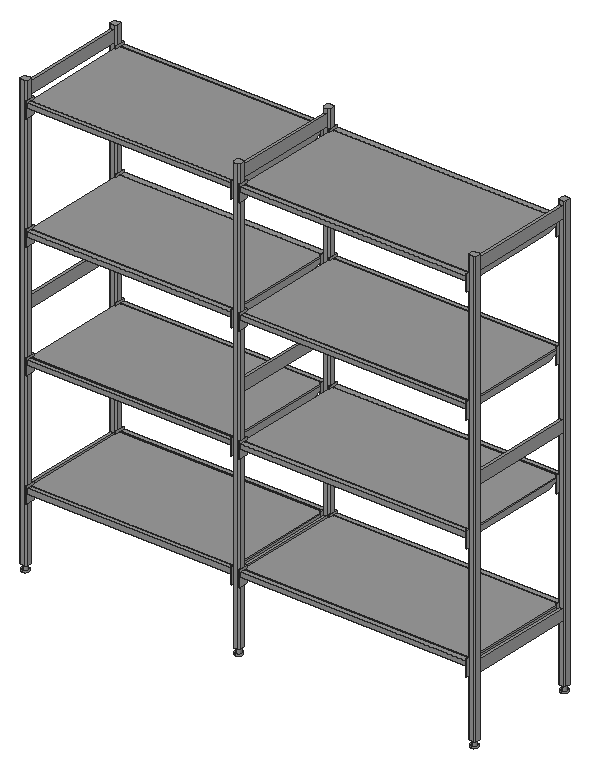
Revit family "QF_ZANUSSI_137041_BLS1784", category Attrezzature speciali, Revit 2020
Family settings
  Quota connettore circolare = Usa diametro
  Tipo di parte = Normale
  Basato su piano di lavoro = No
  Sempre verticale = Sì
  Taglio con vuoti quando caricato = No
  Condiviso = No
  Punto di calcolo locali = No
Parameters (values of type "Standard")
  Weight = 35.00 kg
  Watts = 0 W
  Volts = 0 V
  URL Manufacturer = "http://www.zanussiprofessional.com"
  URL = "http://www.zanussiprofessional.com"
  Steam Supply Size = 0 mm
  Steam Supply Minimum Pressure = 0.0 Pa
  Steam Supply Maximum Pressure = 0.0 Pa
  Steam Consumption per Hour = 0
  Refrigeration Suction Line Size = 0.0 mm
  Refrigeration Liquid Line Size = 0.0 mm
  Refrigerant Compressor Remote = yes
  Prospetto di default = 0.0 mm
  Phase = 0
  Modello = "BLS1784"
  Produttore = "Zanussi"
  Length Actual = 1784.0 mm  # constant formula
  Item Number = "137041"
  Hot Water Size = 0 mm
  Height Actual = 1700.0 mm  # constant formula
  HP = "0 HP"
  Gas Size = 0 mm
  Gas KW = 0
  Gas Input Pressure = 0 W
  Direct Waste Size = 0 mm
  Descrizione = "ALUM.LINEAR SHELV.-POLY.TIERS-475X1784MM"
  Depth Actual = 475.0 mm  # constant formula
  Cycle = 0 Hz
  Condensate Return Size = 0 mm
  Compressed Air Volume = 0.0 L/s
  Compressed Air Size = 0 mm
  Compressed Air Pressure = 0.0 Pa
  Cold Water Size = 0 mm
  Accessory = yes
Reference planes
  plane 1: z = 0
  plane 2 "CenterLeft": x = -31
  plane 3 "LEFT": x = -417
  plane 4 "BACK": y = 23
  plane 5 "FRONT": y = -452
  plane 6 "TOP": z = 1700
  plane 7: x = -385
  plane 8: x = 413
  plane 9 "Center (Front/Back)": y = -214.5
  plane 10: y = -8.5
  plane 11: y = -420.5
  plane 12 "FEET": z = 25
  plane 13: z = 275
  plane 14: z = 725
  plane 15: z = 1175
  plane 16: z = 1625
  plane 17 "CXLeft": x = -403
  plane 18 "Center (Left/Right)": x = 431
  plane 19: y = 5.5
  plane 20 "CYBack": y = 5.5
  plane 21 "CYFront": y = -434.5
  plane 22 "RIGHT": x = 1367
  plane 23: x = 1335
  plane 24 "CXRight": x = 1353
  plane 25: x = 449
Forms (mm)
  Extrusion 1, solid, material "QF_Aluminum"
    sketch origin (-417, 0, -4.006) x (0, 1, 0) y (0, 0, 1)
      loop
        line (-12, 1637.003) -> (4, 1637.003) -> (4, 1655) -> (2.007, 1655) -> (2.007, 1648.501) -> (-431, 1648.501) -> (-431, 1655) -> (-433, 1655) -> (-433, 1637.003) -> (-417, 1637.003) -> (-383, 1625) -> (-46, 1625) -> (-12, 1637.003)
      loop
        line (-12, 1187.003) -> (4, 1187.003) -> (4, 1205) -> (2.007, 1205) -> (2.007, 1198.501) -> (-431, 1198.501) -> (-431, 1205) -> (-433, 1205) -> (-433, 1187.003) -> (-417, 1187.003) -> (-383, 1175) -> (-46, 1175) -> (-12, 1187.003)
      loop
        line (-12, 737.003) -> (4, 737.003) -> (4, 755) -> (2.007, 755) -> (2.007, 748.501) -> (-431, 748.501) -> (-431, 755) -> (-433, 755) -> (-433, 737.003) -> (-417, 737.003) -> (-383, 725) -> (-46, 725) -> (-12, 737.003)
      loop
        line (-12, 287.003) -> (4, 287.003) -> (4, 305) -> (2.007, 305) -> (2.007, 298.501) -> (-431, 298.501) -> (-431, 305) -> (-433, 305) -> (-433, 287.003) -> (-417, 287.003) -> (-383, 275) -> (-46, 275) -> (-12, 287.003)
    from 37 to 32
  Extrusion 2, solid, material "QF_Aluminum"
    sketch origin (-417, 0, 0) x (0, 1, 0) y (0, 0, 1)
      loop
        line (23, 246.005) -> (23, 307.993) -> (-12.993, 307.993) -> (-12.993, 246.005) -> (23, 246.005)
      loop
        line (-452, 246.005) -> (-416.007, 246.005) -> (-416.007, 307.993) -> (-452, 307.993) -> (-452, 246.005)
      loop
        line (23, 696.005) -> (23, 757.993) -> (-12.993, 757.993) -> (-12.993, 696.005) -> (23, 696.005)
      loop
        line (-452, 696.005) -> (-416.007, 696.005) -> (-416.007, 757.993) -> (-452, 757.993) -> (-452, 696.005)
      loop
        line (23, 1146.005) -> (23, 1207.993) -> (-12.993, 1207.993) -> (-12.993, 1146.005) -> (23, 1146.005)
      loop
        line (-452, 1146.005) -> (-416.007, 1146.005) -> (-416.007, 1207.993) -> (-452, 1207.993) -> (-452, 1146.005)
      loop
        line (23, 1596.005) -> (23, 1657.993) -> (-12.993, 1657.993) -> (-12.993, 1596.005) -> (23, 1596.005)
      loop
        line (-452, 1596.005) -> (-416.007, 1596.005) -> (-416.007, 1657.993) -> (-452, 1657.993) -> (-452, 1596.005)
    from 28 to 32
  Extrusion 3, solid, material "QF_Aluminum"
    sketch origin (-417, 0, 0) x (0, 1, 0) y (0, 0, 1)
      loop
        line (4, 1650.994) -> (4, 1632.998) -> (23, 1632.998) -> (23, 1650.994) -> (4, 1650.994)
      loop
        line (-433, 1650.994) -> (-452, 1650.994) -> (-452, 1632.998) -> (-433, 1632.998) -> (-433, 1650.994)
      loop
        line (4, 1200.994) -> (4, 1182.998) -> (23, 1182.998) -> (23, 1200.994) -> (4, 1200.994)
      loop
        line (-433, 1200.994) -> (-452, 1200.994) -> (-452, 1182.998) -> (-433, 1182.998) -> (-433, 1200.994)
      loop
        line (4, 750.994) -> (4, 732.998) -> (23, 732.998) -> (23, 750.994) -> (4, 750.994)
      loop
        line (-433, 750.994) -> (-452, 750.994) -> (-452, 732.998) -> (-433, 732.998) -> (-433, 750.994)
      loop
        line (4, 300.994) -> (4, 282.998) -> (23, 282.998) -> (23, 300.994) -> (4, 300.994)
      loop
        line (-433, 300.994) -> (-452, 300.994) -> (-452, 282.998) -> (-433, 282.998) -> (-433, 300.994)
    from 32 to 830
  Extrusion 4, solid, material "QF_Polyethylene"
    sketch origin (-417, 0, 0) x (0, 1, 0) y (0, 0, 1)
      loop
        line (2.007, 1650.994) -> (-431, 1650.994) -> (-431, 1644.496) -> (2.007, 1644.496) -> (2.007, 1650.994)
      loop
        line (2.007, 1200.994) -> (-431, 1200.994) -> (-431, 1194.496) -> (2.007, 1194.496) -> (2.007, 1200.994)
      loop
        line (2.007, 750.994) -> (-431, 750.994) -> (-431, 744.496) -> (2.007, 744.496) -> (2.007, 750.994)
      loop
        line (2.007, 300.994) -> (-431, 300.994) -> (-431, 294.496) -> (2.007, 294.496) -> (2.007, 300.994)
    from 32 to 830
  Extrusion 5, solid, material "QF_Aluminum"
    sketch origin (1367, 0, 0) x (0, 1, 0) y (0, 0, 1)
      loop
        line (4, 1650.994) -> (4, 1632.998) -> (23, 1632.998) -> (23, 1650.994) -> (4, 1650.994)
      loop
        line (-433, 1650.994) -> (-452, 1650.994) -> (-452, 1632.998) -> (-433, 1632.998) -> (-433, 1650.994)
      loop
        line (4, 1200.994) -> (4, 1182.998) -> (23, 1182.998) -> (23, 1200.994) -> (4, 1200.994)
      loop
        line (-433, 1200.994) -> (-452, 1200.994) -> (-452, 1182.998) -> (-433, 1182.998) -> (-433, 1200.994)
      loop
        line (4, 750.994) -> (4, 732.998) -> (23, 732.998) -> (23, 750.994) -> (4, 750.994)
      loop
        line (-433, 750.994) -> (-452, 750.994) -> (-452, 732.998) -> (-433, 732.998) -> (-433, 750.994)
      loop
        line (4, 300.994) -> (4, 282.998) -> (23, 282.998) -> (23, 300.994) -> (4, 300.994)
      loop
        line (-433, 300.994) -> (-452, 300.994) -> (-452, 282.998) -> (-433, 282.998) -> (-433, 300.994)
    from -32 to -918
  Extrusion 6, solid, material "QF_Polyethylene"
    sketch origin (1367, 0, 0) x (0, 1, 0) y (0, 0, 1)
      loop
        line (2.007, 1650.994) -> (-431, 1650.994) -> (-431, 1644.496) -> (2.007, 1644.496) -> (2.007, 1650.994)
      loop
        line (2.007, 1200.994) -> (-431, 1200.994) -> (-431, 1194.496) -> (2.007, 1194.496) -> (2.007, 1200.994)
      loop
        line (2.007, 750.994) -> (-431, 750.994) -> (-431, 744.496) -> (2.007, 744.496) -> (2.007, 750.994)
      loop
        line (2.007, 300.994) -> (-431, 300.994) -> (-431, 294.496) -> (2.007, 294.496) -> (2.007, 300.994)
    from -32 to -918
Lines and regions (mm)
  symbolic lines
    curve 1: line (413, 4, 1700) -> (-385, 4, 1700)
    curve 2: line (-408, -8.5, 1700) -> (-408, -420.5, 1700)
    curve 3: line (-398, -420.5, 1700) -> (-398, -8.5, 1700)
    curve 4: line (-389, 23, 1700) -> (417, 23, 1700)
    curve 5: line (-385, -452, 1700) -> (413, -452, 1700)
    curve 6: line (445, 23, 1700) -> (1339, 23, 1700)
    curve 7: line (445, -452, 1700) -> (1339, -452, 1700)
    curve 8: line (-385, -433, 1700) -> (413, -433, 1700)
    curve 9: line (449, -433, 1700) -> (1335, -433, 1700)
    curve 10: line (449, 4, 1700) -> (1335, 4, 1700)
    curve 11: line (1335, -12.993, 1700) -> (1335, -416.007, 1700)
    curve 12: line (413, -12.993, 1700) -> (413, -416.007, 1700)
    curve 13: line (449, -416.007, 1700) -> (449, -12.993, 1700)
    curve 14: line (-385, -12.993, 1700) -> (-385, -416.007, 1700)
Dimensions and locks
  plane 3 "LEFT" to plane 2 "CenterLeft" = 386.0 mm
  locked: plane 6 "TOP" to level at 1700
  locked: plane 4 "BACK" to plane 5 "FRONT" at 475
  locked: plane 7 to plane 8 at 798
  locked: plane 10 to plane 11 at 412
  equal spacing: plane 10, plane 9 "Center (Front/Back)", plane 11
  equal spacing: plane 4 "BACK", plane 9 "Center (Front/Back)", plane 5 "FRONT"
  plane 12 "FEET" to level = 25.0 mm
  plane 6 "TOP" to plane 12 "FEET" = 1675.0 mm
  plane 13 to plane 12 "FEET" = 250.0 mm
  plane 14 to plane 13 = 450.0 mm
  plane 15 to plane 14 = 450.0 mm
  plane 16 to plane 15 = 450.0 mm
  locked: plane 4 "BACK" to plane 20 "CYBack" at 17.5
  locked: plane 21 "CYFront" to plane 5 "FRONT" at 17.5
  locked: plane 4 "BACK" to Extrusion 1 at 19
  locked: Extrusion 1 to plane 5 "FRONT" at 19
  Extrusion 1 sketch curve to plane 21 "CYFront" = 3.5 mm
  plane 3 "LEFT" to plane 22 "RIGHT" = 1784.0 mm
  locked: plane 25 to plane 23 at 886
  locked: plane 8 to plane 18 "Center (Left/Right)" at 18
  locked: plane 18 "Center (Left/Right)" to plane 25 at 18
  locked: plane 3 "LEFT" to plane 7 at 32
  locked: plane 24 "CXRight" to plane 22 "RIGHT" at 14
  aligned and locked: level to plane 1
  aligned and locked: plane 7 to Extrusion 1
  aligned and locked: Extrusion 2 to plane 7
  aligned and locked: plane 7 to Extrusion 4
  aligned and locked: Extrusion 4 to plane 8
  aligned and locked: plane 7 to Extrusion 3
  aligned and locked: Extrusion 3 to plane 8
  aligned and locked: Extrusion 3 sketch curve to Extrusion 1
  aligned and locked: Extrusion 1 to Extrusion 3 sketch curve
  aligned and locked: Extrusion 3 sketch curve to Extrusion 3 sketch curve  (x2)
  aligned and locked: Extrusion 1 sketch curve to Extrusion 1 sketch curve  (x3)
  aligned and locked: Extrusion 4 sketch curve to Extrusion 1  (x4)
  aligned and locked: Extrusion 5 sketch curve to Extrusion 5 sketch curve  (x2)
  aligned and locked: Extrusion 5 to plane 25
  aligned and locked: Extrusion 6 to plane 25
  aligned and locked: nested 3 to plane 18 "Center (Left/Right)"
  aligned and locked: nested 1 to plane 17 "CXLeft"
  aligned and locked: Extrusion 3 to plane 7  (x3)
  aligned and locked: plane 8 to Extrusion 3  (x4)
  aligned and locked: plane 25 to Extrusion 5  (x4)
  aligned and locked: plane 25 to Extrusion 6  (x4)
  aligned and locked: plane 8 to Extrusion 4  (x4)
  aligned and locked: nested 2 to plane 24 "CXRight"
  aligned and locked: Extrusion 5 to plane 23
  aligned and locked: Extrusion 6 to plane 23
  aligned and locked: plane 23 to Extrusion 5  (x3)
  aligned and locked: plane 23 to Extrusion 6  (x3)
Automatic sketch dimensions
  plane 21 "CYFront" to Extrusion 1 sketch curve = 1.5 mm  (x4)
  plane 11 to Extrusion 1 sketch curve = 3.5 mm  (x4)
  Extrusion 1 sketch curve to plane 13 = 4.006 mm
  Extrusion 1 sketch curve to Extrusion 1 sketch curve = 34.0 mm  (x4)
  Extrusion 1 sketch curve to plane 14 = 4.006 mm
  Extrusion 1 sketch curve to plane 15 = 4.006 mm
  Extrusion 1 sketch curve to plane 16 = 4.006 mm
  Extrusion 1 sketch curve to plane 10 = 37.5 mm  (x4)
  Extrusion 1 sketch curve to plane 10 = 3.5 mm  (x4)
  plane 19 to Extrusion 1 sketch curve = 3.493 mm  (x4)
  plane 19 to Extrusion 1 sketch curve = 1.5 mm  (x4)
  plane 13 to Extrusion 1 sketch curve = 7.998 mm  (x2)
  Extrusion 1 sketch curve to Extrusion 1 sketch curve = 11.498 mm  (x4)
  Extrusion 1 sketch curve to Extrusion 1 sketch curve = 6.499 mm  (x8)
  plane 14 to Extrusion 1 sketch curve = 7.998 mm  (x2)
  plane 15 to Extrusion 1 sketch curve = 7.998 mm  (x2)
  plane 16 to Extrusion 1 sketch curve = 7.998 mm  (x2)
  Extrusion 2 sketch curve to plane 5 "FRONT" = 0.0 mm  (x4)
  Extrusion 2 sketch curve to plane 4 "BACK" = 0.0 mm  (x4)
  plane 11 to Extrusion 2 sketch curve = 4.493 mm  (x4)
  Extrusion 2 sketch curve to plane 10 = 4.493 mm  (x4)
  Extrusion 2 sketch curve to plane 13 = 28.995 mm  (x2)
  plane 13 to Extrusion 2 sketch curve = 32.993 mm  (x2)
  Extrusion 2 sketch curve to plane 14 = 28.995 mm  (x2)
  plane 14 to Extrusion 2 sketch curve = 32.993 mm  (x2)
  Extrusion 2 sketch curve to plane 15 = 28.995 mm  (x2)
  plane 15 to Extrusion 2 sketch curve = 32.993 mm  (x2)
  Extrusion 2 sketch curve to plane 16 = 28.995 mm  (x2)
  plane 16 to Extrusion 2 sketch curve = 32.993 mm  (x2)
  Extrusion 3 sketch curve to plane 5 "FRONT" = 0.0 mm  (x4)
  Extrusion 3 sketch curve to plane 4 "BACK" = 0.0 mm  (x4)
  plane 19 to Extrusion 3 sketch curve = 1.5 mm  (x4)
  plane 13 to Extrusion 3 sketch curve = 7.998 mm  (x2)
  Extrusion 3 sketch curve to Extrusion 3 sketch curve = 17.997 mm  (x8)
  plane 14 to Extrusion 3 sketch curve = 7.998 mm  (x2)
  plane 15 to Extrusion 3 sketch curve = 7.998 mm  (x2)
  plane 16 to Extrusion 3 sketch curve = 7.998 mm  (x2)
  plane 19 to Extrusion 4 sketch curve = 3.493 mm  (x4)
  plane 13 to Extrusion 4 sketch curve = 19.496 mm
  Extrusion 4 sketch curve to Extrusion 4 sketch curve = 6.499 mm  (x4)
  plane 14 to Extrusion 4 sketch curve = 19.496 mm
  plane 15 to Extrusion 4 sketch curve = 19.496 mm
  plane 16 to Extrusion 4 sketch curve = 19.496 mm
  Extrusion 5 sketch curve to plane 5 "FRONT" = 0.0 mm  (x4)
  Extrusion 5 sketch curve to plane 4 "BACK" = 0.0 mm  (x4)
  plane 21 "CYFront" to Extrusion 5 sketch curve = 1.5 mm  (x2)
  plane 19 to Extrusion 5 sketch curve = 1.5 mm  (x4)
  plane 13 to Extrusion 5 sketch curve = 7.998 mm  (x2)
  Extrusion 5 sketch curve to Extrusion 5 sketch curve = 17.997 mm  (x8)
  plane 14 to Extrusion 5 sketch curve = 7.998 mm  (x2)
  plane 15 to Extrusion 5 sketch curve = 7.998 mm  (x2)
  plane 16 to Extrusion 5 sketch curve = 7.998 mm  (x2)
  plane 21 "CYFront" to Extrusion 6 sketch curve = 3.5 mm  (x4)
  plane 19 to Extrusion 6 sketch curve = 3.493 mm  (x4)
  plane 13 to Extrusion 6 sketch curve = 19.496 mm
  Extrusion 6 sketch curve to Extrusion 6 sketch curve = 6.499 mm  (x4)
  plane 14 to Extrusion 6 sketch curve = 19.496 mm
  plane 15 to Extrusion 6 sketch curve = 19.496 mm
  plane 16 to Extrusion 6 sketch curve = 19.496 mm
  curve 7 to plane 5 "FRONT" = 0.0 mm
  curve 5 to plane 5 "FRONT" = 0.0 mm
  curve 8 to plane 8 = 0.0 mm
  curve 9 to plane 25 = 0.0 mm
  curve 9 to plane 23 = 0.0 mm
  curve 8 to plane 7 = 0.0 mm
  curve 2 to plane 11 = 0.0 mm
  curve 3 to plane 11 = 0.0 mm
  curve 14 to plane 7 = 0.0 mm
  curve 13 to plane 25 = 0.0 mm
  curve 12 to plane 8 = 0.0 mm
  curve 11 to plane 23 = 0.0 mm
  curve 3 to plane 10 = 0.0 mm
  curve 2 to plane 10 = 0.0 mm
  curve 1 to plane 8 = 0.0 mm
  curve 1 to plane 7 = 0.0 mm
  curve 10 to plane 23 = 0.0 mm
  curve 10 to plane 25 = 0.0 mm
  curve 4 to plane 4 "BACK" = 0.0 mm
  curve 6 to plane 4 "BACK" = 0.0 mm
  curve 5 to plane 8 = 0.0 mm
  curve 5 to plane 7 = 0.0 mm
  plane 21 "CYFront" to curve 8 = 1.5 mm
  plane 21 "CYFront" to curve 9 = 1.5 mm
  plane 11 to curve 14 = 4.493 mm
  plane 11 to curve 13 = 4.493 mm
  plane 11 to curve 12 = 4.493 mm
  plane 11 to curve 11 = 4.493 mm
  curve 14 to plane 10 = 4.493 mm
  curve 13 to plane 10 = 4.493 mm
  curve 12 to plane 10 = 4.493 mm
  curve 11 to plane 10 = 4.493 mm
  plane 19 to curve 1 = 1.5 mm
  plane 19 to curve 10 = 1.5 mm
  curve 6 to plane 23 = 4.0 mm
  curve 7 to plane 23 = 4.0 mm
  curve 6 to plane 25 = 4.0 mm
  curve 7 to plane 25 = 4.0 mm
  curve 4 to plane 8 = 4.0 mm
  plane 7 to curve 4 = 4.0 mm
  plane 17 "CXLeft" to curve 3 = 5.0 mm
  curve 2 to plane 17 "CXLeft" = 5.0 mm
Nested families
  nested 1: "WT_Anta475" at (0, 0, 0), type "WT_Anta475"
  nested 2: "WT_Anta475" at (950, 0, 0) x (-1, 0, 0) z (0, 0, 1), type "WT_Anta475"
  nested 3: "WT_Anta475Center" at (834, 0, 0), type "WT_Anta475Center"
Definition of nested family "WT_Anta475"
  Parameters
    WidthLeft = A + 64.0 mm  # 772.0 mm
    Width = 1606.0 mm
    Right = WidthLeft / 2  # 386.0 mm
    Default Elevation = 0.0 mm
    Left = -WidthLeft / 2  # -386.0 mm
    Height = 1725.0 mm
    FEET = 25.0 mm
    E = 0.0 mm
    Dint = Depth - 63.0 mm  # 412.0 mm
    Dext = Depth - 8.0 mm  # 467.0 mm
    Depth = 475.0 mm
    DX = (WidthLeft - A) / 2  # 32.0 mm
    B = 798.0 mm
    A = 708.0 mm
  Reference planes
    plane 1: z = 0
    plane 2 "LEFT": x = -417
    plane 3 "BACK": y = 23
    plane 4 "FRONT": y = -452
    plane 5 "TOP": z = 1725
    plane 6 "Center (Front/Back)": y = -214.5
    plane 7: y = -8.5
    plane 8: y = -420.5
    plane 9 "FEET": z = 25
    plane 10: z = 275
    plane 11: z = 725
    plane 12: z = 1175
    plane 13: z = 1625
    plane 14 "CXLeft": x = -403
    plane 15: y = 5.5
    plane 16 "CYBack": y = 5.5
    plane 17 "CYFront": y = -434.5
    plane 18: x = -385.031
    plane 19: x = -380.031
  Forms (mm)
    Extrusion 1, solid
      sketch origin (0, 0, 0) x (1, 0, 0) y (0, 1, 0)
        loop
          line (-417, 13.246) -> (-417, -2.246) -> (-410.746, -8.5) -> (-395.254, -8.5) -> (-389, -2.246) -> (-389, 13.246) -> (-395.254, 19.5) -> (-410.746, 19.5) -> (-417, 13.246)
      from 1725 to 25
    Extrusion 2, solid
      sketch origin (-417, 0, 0) x (0, 1, 0) y (0, 0, 1)
        loop
          line (23, 246.005) -> (23, 307.993) -> (-12.993, 307.993) -> (-12.993, 246.005) -> (23, 246.005)
        loop
          line (-452, 246.005) -> (-416.007, 246.005) -> (-416.007, 307.993) -> (-452, 307.993) -> (-452, 246.005)
        loop
          line (23, 696.005) -> (23, 757.993) -> (-12.993, 757.993) -> (-12.993, 696.005) -> (23, 696.005)
        loop
          line (-452, 696.005) -> (-416.007, 696.005) -> (-416.007, 757.993) -> (-452, 757.993) -> (-452, 696.005)
        loop
          line (23, 1146.005) -> (23, 1207.993) -> (-12.993, 1207.993) -> (-12.993, 1146.005) -> (23, 1146.005)
        loop
          line (-452, 1146.005) -> (-416.007, 1146.005) -> (-416.007, 1207.993) -> (-452, 1207.993) -> (-452, 1146.005)
        loop
          line (23, 1596.005) -> (23, 1657.993) -> (-12.993, 1657.993) -> (-12.993, 1596.005) -> (23, 1596.005)
        loop
          line (-452, 1596.005) -> (-416.007, 1596.005) -> (-416.007, 1657.993) -> (-452, 1657.993) -> (-452, 1596.005)
      from 28 to 32
    Revolve 3, solid
      sketch origin (-403, 0, 0) x (0, 1, 0) y (0, 0, 1)
        loop
          line (5.5, 25) -> (5.5, 0) -> (19, 0) -> (19, 5) -> (14, 5) -> (14, 25) -> (5.5, 25)
        axis (5.5, 25) -> (5.5, 0)
      angle from 0 to 360
    Extrusion 4, solid
      sketch origin (-403, 0, 0) x (0, 1, 0) y (0, 0, 1)
        loop
          line (-8.5, 912.382) -> (-8.5, 957.374) -> (-420.5, 957.374) -> (-420.5, 912.382) -> (-8.5, 912.382)
        loop
          line (-8.5, 1662.244) -> (-8.5, 1707.236) -> (-420.5, 1707.236) -> (-420.5, 1662.244) -> (-8.5, 1662.244)
      from -5 to 5
    Revolve 5, solid
      sketch origin (-403, -627, 0) x (0, -1, 0) y (0, 0, 1)
        loop
          line (-192.5, 25) -> (-192.5, 0) -> (-179, 0) -> (-179, 5) -> (-184, 5) -> (-184, 25) -> (-192.5, 25)
        axis (-192.5, 25) -> (-192.5, 0)
      angle from 0 to 360
    Extrusion 6, solid
      sketch origin (0, -627, 0) x (1, 0, 0) y (0, 1, 0)
        loop
          line (-417, 184.754) -> (-410.746, 178.5) -> (-395.254, 178.5) -> (-389, 184.754) -> (-389, 200.246) -> (-395.254, 206.5) -> (-410.746, 206.5) -> (-417, 200.246) -> (-417, 184.754)
      from 1725 to 25
    Extrusion 7, solid
      sketch origin (-417.031, -0.022, 0) x (0, 1, 0) y (0, 0, -1)
        loop
          line (-12, -1632.998) -> (-46, -1620.994) -> (-383, -1620.994) -> (-417, -1632.998) -> (-433, -1632.998) -> (-433, -1650.994) -> (-431, -1650.994) -> (-431, -1644.496) -> (2.007, -1644.496) -> (2.007, -1650.994) -> (4, -1650.994) -> (4, -1632.998) -> (-12, -1632.998)
        loop
          line (-12, -1182.998) -> (-46, -1170.994) -> (-383, -1170.994) -> (-417, -1182.998) -> (-433, -1182.998) -> (-433, -1200.994) -> (-431, -1200.994) -> (-431, -1194.496) -> (2.007, -1194.496) -> (2.007, -1200.994) -> (4, -1200.994) -> (4, -1182.998) -> (-12, -1182.998)
        loop
          line (-12, -732.998) -> (-46, -720.994) -> (-383, -720.994) -> (-417, -732.998) -> (-433, -732.998) -> (-433, -750.994) -> (-431, -750.994) -> (-431, -744.496) -> (2.007, -744.496) -> (2.007, -750.994) -> (4, -750.994) -> (4, -732.998) -> (-12, -732.998)
        loop
          line (-12, -282.998) -> (-46, -270.994) -> (-383, -270.994) -> (-417, -282.998) -> (-433, -282.998) -> (-433, -300.994) -> (-431, -300.994) -> (-431, -294.496) -> (2.007, -294.496) -> (2.007, -300.994) -> (4, -300.994) -> (4, -282.998) -> (-12, -282.998)
      from -32 to -37
    Extrusion 8, solid
      sketch origin (-403, 0, -659.878) x (0, 1, 0) y (0, 0, 1)
        loop
          line (-8.5, 912.382) -> (-8.5, 957.374) -> (-420.5, 957.374) -> (-420.5, 912.382) -> (-8.5, 912.382)
        loop
          line (-8.5, 1572.382) -> (-8.5, 1617.374) -> (-420.5, 1617.374) -> (-420.5, 1572.382) -> (-8.5, 1572.382)
        loop
          line (-8.5, 2322.382) -> (-8.5, 2367.374) -> (-420.5, 2367.374) -> (-420.5, 2322.382) -> (-8.5, 2322.382)
      from -5 to 5
  Lines and regions (mm)
    symbolic lines
      curve 1: line (-408, -8.5, 1725) -> (-408, -420.5, 1725)
      curve 2: line (-398, -420.5, 1725) -> (-398, -8.5, 1725)
      curve 3: line (-395.254, -8.5, 1725) -> (-410.746, -8.5, 1725)
      curve 4: line (-417, -2.246, 1725) -> (-410.746, -8.5, 1725)
      curve 5: line (-417, 13.246, 1725) -> (-417, -2.246, 1725)
      curve 6: line (-410.746, 19.5, 1725) -> (-417, 13.246, 1725)
      curve 7: line (-395.254, 19.5, 1725) -> (-410.746, 19.5, 1725)
      curve 8: line (-389, 13.246, 1725) -> (-395.254, 19.5, 1725)
      curve 9: line (-395.254, -8.5, 1725) -> (-389, -2.246, 1725)
      curve 10: line (-395.254, -420.5, 1725) -> (-410.746, -420.5, 1725)
      curve 11: line (-417, -426.754, 1725) -> (-410.746, -420.5, 1725)
      curve 12: line (-410.746, -448.5, 1725) -> (-417, -442.246, 1725)
      curve 13: line (-395.254, -448.5, 1725) -> (-410.746, -448.5, 1725)
      curve 14: line (-389, -442.246, 1725) -> (-395.254, -448.5, 1725)
      curve 15: line (-395.254, -420.5, 1725) -> (-389, -426.754, 1725)
      curve 16: line (-389, -452, 1725) -> (-389, -416.007, 1725)
      curve 17: line (-389, -416.007, 1725) -> (-385, -416.007, 1725)
      curve 18: line (-389, 23, 1725) -> (-389, -12.993, 1725)
      curve 19: line (-389, -12.993, 1725) -> (-385, -12.993, 1725)
      curve 20: line (-417, -426.754, 1725) -> (-417, -442.246, 1725)
      curve 21: line (-385, -452, 1725) -> (-385, -416.007, 1725)
      curve 22: line (-385, -452, 1725) -> (-389, -452, 1725)
      curve 23: line (-385, 23, 1725) -> (-389, 23, 1725)
      curve 24: line (-385, -12.993, 1725) -> (-385, 23, 1725)
      curve 25: line (-385.031, -13.016, 1725) -> (-385.031, -416.029, 1725)
  Dimensions and locks
    "Height": plane 5 "TOP" to level
    "Depth": plane 3 "BACK" to plane 4 "FRONT"
    "Dint": plane 7 to plane 8
    equal spacing: plane 7, plane 6 "Center (Front/Back)", plane 8
    equal spacing: plane 3 "BACK", plane 6 "Center (Front/Back)", plane 4 "FRONT"
    plane 9 "FEET" to level = 25.0 mm
    plane 5 "TOP" to plane 9 "FEET" = 1700.0 mm
    plane 10 to plane 9 "FEET" = 250.0 mm
    plane 11 to plane 10 = 450.0 mm
    plane 12 to plane 11 = 450.0 mm
    plane 13 to plane 12 = 450.0 mm
    locked: plane 2 "LEFT" to plane 14 "CXLeft" at 14
    locked: plane 3 "BACK" to plane 16 "CYBack" at 17.5
    locked: plane 17 "CYFront" to plane 4 "FRONT" at 17.5
    locked: Revolve 3 sketch curve to Revolve 3 sketch curve at 8.5
    locked: Revolve 3 sketch curve to plane 16 "CYBack" at 13.5
    locked: Revolve 5 sketch curve to Revolve 5 sketch curve at 8.5
    aligned and locked: level to plane 1
    aligned and locked: curve 20 to Extrusion 6
    aligned and locked: plane 5 "TOP" to Extrusion 1
    aligned and locked: plane 5 "TOP" to Extrusion 6
    aligned and locked: Extrusion 7 sketch curve to Extrusion 7 sketch curve  (x3)
  Automatic sketch dimensions
    curve 16 to plane 4 "FRONT" = 0.0 mm
    curve 11 to plane 8 = 0.0 mm
    curve 9 to plane 7 = 0.0 mm
    curve 5 to plane 2 "LEFT" = 0.0 mm
    curve 23 to plane 3 "BACK" = 0.0 mm
    plane 4 "FRONT" to curve 13 = 3.5 mm
    curve 20 to plane 17 "CYFront" = 7.746 mm
    curve 20 to plane 8 = 6.254 mm
    plane 8 to curve 16 = 4.493 mm
    curve 24 to plane 18 = 0.031 mm
    curve 24 to plane 7 = 4.493 mm
    plane 7 to curve 5 = 6.254 mm
    curve 5 to plane 15 = 7.746 mm
    curve 6 to plane 3 "BACK" = 3.5 mm
    curve 21 to plane 18 = 0.031 mm
    plane 18 to curve 23 = 3.969 mm
    plane 18 to curve 16 = 3.969 mm
    curve 18 to curve 8 = 6.254 mm
    curve 18 to curve 3 = 6.254 mm
    curve 16 to curve 13 = 6.254 mm
    curve 16 to curve 15 = 6.254 mm
    plane 2 "LEFT" to curve 10 = 6.254 mm
    plane 2 "LEFT" to curve 7 = 6.254 mm
    plane 2 "LEFT" to curve 12 = 6.254 mm
    plane 2 "LEFT" to curve 3 = 6.254 mm
    curve 14 to plane 17 "CYFront" = 7.746 mm
    curve 15 to plane 8 = 6.254 mm
    plane 7 to curve 9 = 6.254 mm
    curve 8 to plane 15 = 7.746 mm
    curve 3 to curve 2 = 2.746 mm
    curve 1 to curve 10 = 2.746 mm
    Extrusion 1 sketch curve to plane 2 "LEFT" = 0.0 mm
    Extrusion 1 sketch curve to plane 7 = 0.0 mm
    plane 2 "LEFT" to Extrusion 1 sketch curve = 6.254 mm  (x2)
    plane 14 "CXLeft" to Extrusion 1 sketch curve = 7.746 mm  (x2)
    Extrusion 1 sketch curve to plane 3 "BACK" = 3.5 mm
    plane 18 to Extrusion 1 sketch curve = 3.969 mm
    plane 7 to Extrusion 1 sketch curve = 6.254 mm  (x2)
    Extrusion 1 sketch curve to plane 15 = 7.746 mm  (x2)
    Extrusion 2 sketch curve to plane 4 "FRONT" = 0.0 mm  (x4)
    Extrusion 2 sketch curve to plane 3 "BACK" = 0.0 mm  (x4)
    plane 8 to Extrusion 2 sketch curve = 4.493 mm  (x4)
    Extrusion 2 sketch curve to plane 7 = 4.493 mm  (x4)
    Extrusion 2 sketch curve to plane 10 = 28.995 mm  (x2)
    plane 10 to Extrusion 2 sketch curve = 32.993 mm  (x2)
    Extrusion 2 sketch curve to plane 11 = 28.995 mm  (x2)
    plane 11 to Extrusion 2 sketch curve = 32.993 mm  (x2)
    Extrusion 2 sketch curve to plane 12 = 28.995 mm  (x2)
    plane 12 to Extrusion 2 sketch curve = 32.993 mm  (x2)
    Extrusion 2 sketch curve to plane 13 = 28.995 mm  (x2)
    plane 13 to Extrusion 2 sketch curve = 32.993 mm  (x2)
    Revolve 3 sketch curve to plane 9 "FEET" = 0.0 mm  (x2)
    Revolve 3 sketch curve to plane 15 = 0.0 mm  (x2)
    Revolve 3 sketch curve to level = 0.0 mm
    level to Revolve 3 sketch curve = 5.0 mm
    Revolve 3 sketch curve to Revolve 3 sketch curve = 11.655 mm
    Extrusion 4 sketch curve to plane 8 = 0.0 mm  (x2)
    Extrusion 4 sketch curve to plane 7 = 0.0 mm  (x2)
    plane 11 to Extrusion 4 sketch curve = 187.382 mm
    Extrusion 4 sketch curve to Extrusion 4 sketch curve = 44.992 mm
    plane 13 to Extrusion 4 sketch curve = 37.244 mm
    Extrusion 4 sketch curve to plane 5 "TOP" = 17.764 mm
    Revolve 5 sketch curve to plane 9 "FEET" = 0.0 mm  (x2)
    Revolve 5 sketch curve to plane 17 "CYFront" = 0.0 mm  (x2)
    Revolve 5 sketch curve to level = 0.0 mm
    Revolve 5 sketch curve to plane 4 "FRONT" = 4.0 mm
    Revolve 5 sketch curve to Revolve 5 sketch curve = 5.0 mm
    level to Revolve 5 sketch curve = 11.655 mm
    Extrusion 6 sketch curve to plane 2 "LEFT" = 0.0 mm
    Extrusion 6 sketch curve to plane 8 = 0.0 mm
    Extrusion 6 sketch curve to plane 2 "LEFT" = 6.254 mm  (x2)
    Extrusion 6 sketch curve to plane 14 "CXLeft" = 7.746 mm  (x2)
    Extrusion 6 sketch curve to plane 4 "FRONT" = 3.5 mm
    Extrusion 6 sketch curve to plane 18 = 3.969 mm
    plane 8 to Extrusion 6 sketch curve = 6.254 mm  (x2)
    plane 17 "CYFront" to Extrusion 6 sketch curve = 7.746 mm  (x2)
    plane 17 "CYFront" to Extrusion 7 sketch curve = 1.478 mm  (x4)
    Extrusion 7 sketch curve to Extrusion 7 sketch curve = 2.0 mm
    plane 8 to Extrusion 7 sketch curve = 3.478 mm  (x4)
    Extrusion 7 sketch curve to plane 10 = 4.006 mm
    Extrusion 7 sketch curve to Extrusion 7 sketch curve = 34.0 mm  (x4)
    Extrusion 7 sketch curve to plane 11 = 4.006 mm
    Extrusion 7 sketch curve to plane 12 = 4.006 mm
    Extrusion 7 sketch curve to plane 13 = 4.006 mm
    Extrusion 7 sketch curve to plane 7 = 37.522 mm  (x4)
    Extrusion 7 sketch curve to plane 7 = 3.522 mm  (x4)
    plane 15 to Extrusion 7 sketch curve = 3.516 mm  (x4)
    plane 15 to Extrusion 7 sketch curve = 1.522 mm  (x4)
    plane 13 to Extrusion 7 sketch curve = 7.998 mm  (x2)
    Extrusion 7 sketch curve to Extrusion 7 sketch curve = 11.498 mm
    Extrusion 7 sketch curve to Extrusion 7 sketch curve = 6.499 mm  (x5)
    plane 12 to Extrusion 7 sketch curve = 25.994 mm  (x2)
    plane 12 to Extrusion 7 sketch curve = 7.998 mm  (x2)
    plane 11 to Extrusion 7 sketch curve = 25.994 mm  (x2)
    plane 11 to Extrusion 7 sketch curve = 7.998 mm  (x2)
    plane 10 to Extrusion 7 sketch curve = 25.994 mm  (x2)
    plane 10 to Extrusion 7 sketch curve = 7.998 mm  (x2)
    curve 25 to plane 18 = 0.0 mm
    plane 8 to curve 25 = 4.471 mm
    curve 25 to plane 7 = 4.516 mm
    Extrusion 8 sketch curve to plane 8 = 0.0 mm  (x3)
    Extrusion 8 sketch curve to plane 7 = 0.0 mm  (x3)
    Extrusion 8 sketch curve to plane 10 = 22.496 mm
    plane 10 to Extrusion 8 sketch curve = 22.496 mm
    plane 11 to Extrusion 8 sketch curve = 187.504 mm
    Extrusion 8 sketch curve to Extrusion 8 sketch curve = 44.992 mm
    plane 13 to Extrusion 8 sketch curve = 37.504 mm
    Extrusion 8 sketch curve to plane 5 "TOP" = 17.504 mm
Definition of nested family "WT_Anta475Center"
  Parameters
    WidthLeft = A + 64.0 mm  # 772.0 mm
    Width = 1606.0 mm
    Right = WidthLeft / 2  # 386.0 mm
    Default Elevation = 0.0 mm
    Left = -WidthLeft / 2  # -386.0 mm
    Height = 1725.0 mm
    FEET = 25.0 mm
    E = 0.0 mm
    Dint = Depth - 63.0 mm  # 412.0 mm
    Dext = Depth - 8.0 mm  # 467.0 mm
    Depth = 475.0 mm
    DX = (WidthLeft - A) / 2  # 32.0 mm
    B = 798.0 mm
    A = 708.0 mm
  Reference planes
    plane 1: z = 0
    plane 2 "L": x = -417
    plane 3 "BACK": y = 23
    plane 4 "FRONT": y = -452
    plane 5 "TOP": z = 1725
    plane 6 "Center (Front/Back)": y = -214.5
    plane 7: y = -8.5
    plane 8: y = -420.5
    plane 9 "FEET": z = 25
    plane 10: z = 275
    plane 11: z = 725
    plane 12: z = 1175
    plane 13: z = 1625
    plane 14 "CXLeft": x = -403
    plane 15: y = 5.5
    plane 16 "CYBack": y = 5.5
    plane 17 "CYFront": y = -434.5
    plane 18: x = -385.031
    plane 19 "RIGHT": x = -380.031
    plane 20: x = -420.969
    plane 21 "LEFT": x = -425.969
  Forms (mm)
    Extrusion 1, solid
      sketch origin (0, 0, 0) x (1, 0, 0) y (0, 1, 0)
        loop
          line (-417, 13.246) -> (-417, -2.246) -> (-410.746, -8.5) -> (-395.254, -8.5) -> (-389, -2.246) -> (-389, 13.246) -> (-395.254, 19.5) -> (-410.746, 19.5) -> (-417, 13.246)
      from 1725 to 25
    Extrusion 2, solid
      sketch origin (-417, 0, 0) x (0, 1, 0) y (0, 0, 1)
        loop
          line (23, 246.005) -> (23, 307.993) -> (-12.993, 307.993) -> (-12.993, 246.005) -> (23, 246.005)
        loop
          line (-452, 246.005) -> (-416.007, 246.005) -> (-416.007, 307.993) -> (-452, 307.993) -> (-452, 246.005)
        loop
          line (23, 696.005) -> (23, 757.993) -> (-12.993, 757.993) -> (-12.993, 696.005) -> (23, 696.005)
        loop
          line (-452, 696.005) -> (-416.007, 696.005) -> (-416.007, 757.993) -> (-452, 757.993) -> (-452, 696.005)
        loop
          line (23, 1146.005) -> (23, 1207.993) -> (-12.993, 1207.993) -> (-12.993, 1146.005) -> (23, 1146.005)
        loop
          line (-452, 1146.005) -> (-416.007, 1146.005) -> (-416.007, 1207.993) -> (-452, 1207.993) -> (-452, 1146.005)
        loop
          line (23, 1596.005) -> (23, 1657.993) -> (-12.993, 1657.993) -> (-12.993, 1596.005) -> (23, 1596.005)
        loop
          line (-452, 1596.005) -> (-416.007, 1596.005) -> (-416.007, 1657.993) -> (-452, 1657.993) -> (-452, 1596.005)
      from 28 to 32
    Revolve 3, solid
      sketch origin (-403, 0, 0) x (0, 1, 0) y (0, 0, 1)
        loop
          line (5.5, 25) -> (5.5, 0) -> (19, 0) -> (19, 5) -> (14, 5) -> (14, 25) -> (5.5, 25)
        axis (5.5, 25) -> (5.5, 0)
      angle from 0 to 360
    Extrusion 4, solid
      sketch origin (-403, 0, 0) x (0, 1, 0) y (0, 0, 1)
        loop
          line (-8.5, 912.382) -> (-8.5, 957.374) -> (-420.5, 957.374) -> (-420.5, 912.382) -> (-8.5, 912.382)
        loop
          line (-8.5, 1662.244) -> (-8.5, 1707.236) -> (-420.5, 1707.236) -> (-420.5, 1662.244) -> (-8.5, 1662.244)
      from -5 to 5
    Revolve 5, solid
      sketch origin (-403, -627, 0) x (0, -1, 0) y (0, 0, 1)
        loop
          line (-192.5, 25) -> (-192.5, 0) -> (-179, 0) -> (-179, 5) -> (-184, 5) -> (-184, 25) -> (-192.5, 25)
        axis (-192.5, 25) -> (-192.5, 0)
      angle from 0 to 360
    Extrusion 6, solid
      sketch origin (0, -627, 0) x (1, 0, 0) y (0, 1, 0)
        loop
          line (-417, 184.754) -> (-410.746, 178.5) -> (-395.254, 178.5) -> (-389, 184.754) -> (-389, 200.246) -> (-395.254, 206.5) -> (-410.746, 206.5) -> (-417, 200.246) -> (-417, 184.754)
      from 1725 to 25
    Extrusion 7, solid
      sketch origin (-417.031, -0.022, 0) x (0, 1, 0) y (0, 0, -1)
        loop
          line (-12, -1632.998) -> (-46, -1620.994) -> (-383, -1620.994) -> (-417, -1632.998) -> (-433, -1632.998) -> (-433, -1650.994) -> (-431, -1650.994) -> (-431, -1644.496) -> (2.007, -1644.496) -> (2.007, -1650.994) -> (4, -1650.994) -> (4, -1632.998) -> (-12, -1632.998)
        loop
          line (-12, -1182.998) -> (-46, -1170.994) -> (-383, -1170.994) -> (-417, -1182.998) -> (-433, -1182.998) -> (-433, -1200.994) -> (-431, -1200.994) -> (-431, -1194.496) -> (2.007, -1194.496) -> (2.007, -1200.994) -> (4, -1200.994) -> (4, -1182.998) -> (-12, -1182.998)
        loop
          line (-12, -732.998) -> (-46, -720.994) -> (-383, -720.994) -> (-417, -732.998) -> (-433, -732.998) -> (-433, -750.994) -> (-431, -750.994) -> (-431, -744.496) -> (2.007, -744.496) -> (2.007, -750.994) -> (4, -750.994) -> (4, -732.998) -> (-12, -732.998)
        loop
          line (-12, -282.998) -> (-46, -270.994) -> (-383, -270.994) -> (-417, -282.998) -> (-433, -282.998) -> (-433, -300.994) -> (-431, -300.994) -> (-431, -294.496) -> (2.007, -294.496) -> (2.007, -300.994) -> (4, -300.994) -> (4, -282.998) -> (-12, -282.998)
      from -32 to -37
    Extrusion 8, solid
      sketch origin (-403, 0, -659.878) x (0, 1, 0) y (0, 0, 1)
        loop
          line (-8.5, 912.382) -> (-8.5, 957.374) -> (-420.5, 957.374) -> (-420.5, 912.382) -> (-8.5, 912.382)
        loop
          line (-8.5, 1572.382) -> (-8.5, 1617.374) -> (-420.5, 1617.374) -> (-420.5, 1572.382) -> (-8.5, 1572.382)
        loop
          line (-8.5, 2322.382) -> (-8.5, 2367.374) -> (-420.5, 2367.374) -> (-420.5, 2322.382) -> (-8.5, 2322.382)
      from -5 to 5
    Extrusion 9, solid
      sketch origin (-389, 0, 0) x (0, 1, 0) y (0, 0, -1)
        loop
          line (23, -246.005) -> (-12.993, -246.005) -> (-12.993, -307.993) -> (23, -307.993) -> (23, -246.005)
        loop
          line (-452, -246.005) -> (-452, -307.993) -> (-416.007, -307.993) -> (-416.007, -246.005) -> (-452, -246.005)
        loop
          line (23, -696.005) -> (-12.993, -696.005) -> (-12.993, -757.993) -> (23, -757.993) -> (23, -696.005)
        loop
          line (-452, -696.005) -> (-452, -757.993) -> (-416.007, -757.993) -> (-416.007, -696.005) -> (-452, -696.005)
        loop
          line (23, -1146.005) -> (-12.993, -1146.005) -> (-12.993, -1207.993) -> (23, -1207.993) -> (23, -1146.005)
        loop
          line (-452, -1146.005) -> (-452, -1207.993) -> (-416.007, -1207.993) -> (-416.007, -1146.005) -> (-452, -1146.005)
        loop
          line (23, -1596.005) -> (-12.993, -1596.005) -> (-12.993, -1657.993) -> (23, -1657.993) -> (23, -1596.005)
        loop
          line (-452, -1596.005) -> (-452, -1657.993) -> (-416.007, -1657.993) -> (-416.007, -1596.005) -> (-452, -1596.005)
      from 28 to 32
    Extrusion 10, solid
      sketch origin (-388.969, -0.022, 0) x (0, 1, 0) y (0, 0, 1)
        loop
          line (-12, 1632.998) -> (4, 1632.998) -> (4, 1650.994) -> (2.007, 1650.994) -> (2.007, 1644.496) -> (-431, 1644.496) -> (-431, 1650.994) -> (-433, 1650.994) -> (-433, 1632.998) -> (-417, 1632.998) -> (-383, 1620.994) -> (-46, 1620.994) -> (-12, 1632.998)
        loop
          line (-12, 1182.998) -> (4, 1182.998) -> (4, 1200.994) -> (2.007, 1200.994) -> (2.007, 1194.496) -> (-431, 1194.496) -> (-431, 1200.994) -> (-433, 1200.994) -> (-433, 1182.998) -> (-417, 1182.998) -> (-383, 1170.994) -> (-46, 1170.994) -> (-12, 1182.998)
        loop
          line (-12, 732.998) -> (4, 732.998) -> (4, 750.994) -> (2.007, 750.994) -> (2.007, 744.496) -> (-431, 744.496) -> (-431, 750.994) -> (-433, 750.994) -> (-433, 732.998) -> (-417, 732.998) -> (-383, 720.994) -> (-46, 720.994) -> (-12, 732.998)
        loop
          line (-12, 282.998) -> (4, 282.998) -> (4, 300.994) -> (2.007, 300.994) -> (2.007, 294.496) -> (-431, 294.496) -> (-431, 300.994) -> (-433, 300.994) -> (-433, 282.998) -> (-417, 282.998) -> (-383, 270.994) -> (-46, 270.994) -> (-12, 282.998)
      from -32 to -37
  Lines and regions (mm)
    symbolic lines
      curve 1: line (-408, -8.5, 1725) -> (-408, -420.5, 1725)
      curve 2: line (-398, -420.5, 1725) -> (-398, -8.5, 1725)
      curve 3: line (-395.254, -8.5, 1725) -> (-410.746, -8.5, 1725)
      curve 4: line (-417, -2.246, 1725) -> (-410.746, -8.5, 1725)
      curve 5: line (-410.746, 19.5, 1725) -> (-417, 13.246, 1725)
      curve 6: line (-395.254, 19.5, 1725) -> (-410.746, 19.5, 1725)
      curve 7: line (-389, 13.246, 1725) -> (-395.254, 19.5, 1725)
      curve 8: line (-395.254, -8.5, 1725) -> (-389, -2.246, 1725)
      curve 9: line (-395.254, -420.5, 1725) -> (-410.746, -420.5, 1725)
      curve 10: line (-417, -426.754, 1725) -> (-410.746, -420.5, 1725)
      curve 11: line (-410.746, -448.5, 1725) -> (-417, -442.246, 1725)
      curve 12: line (-395.254, -448.5, 1725) -> (-410.746, -448.5, 1725)
      curve 13: line (-389, -442.246, 1725) -> (-395.254, -448.5, 1725)
      curve 14: line (-395.254, -420.5, 1725) -> (-389, -426.754, 1725)
      curve 15: line (-389, -452, 1725) -> (-389, -416.007, 1725)
      curve 16: line (-389, -416.007, 1725) -> (-385, -416.007, 1725)
      curve 17: line (-389, 23, 1725) -> (-389, -12.993, 1725)
      curve 18: line (-389, -12.993, 1725) -> (-385, -12.993, 1725)
      curve 19: line (-385, -452, 1725) -> (-385, -416.007, 1725)
      curve 20: line (-385, -452, 1725) -> (-389, -452, 1725)
      curve 21: line (-385, 23, 1725) -> (-389, 23, 1725)
      curve 22: line (-385, -12.993, 1725) -> (-385, 23, 1725)
      curve 23: line (-385.031, -13.016, 1725) -> (-385.031, -416.029, 1725)
      curve 24: line (-417, -452, 1725) -> (-417, -416.007, 1725)
      curve 25: line (-417, -416.007, 1725) -> (-421, -416.007, 1725)
      curve 26: line (-417, 23, 1725) -> (-417, -12.993, 1725)
      curve 27: line (-417, -12.993, 1725) -> (-421, -12.993, 1725)
      curve 28: line (-421, -452, 1725) -> (-421, -416.007, 1725)
      curve 29: line (-421, -452, 1725) -> (-417, -452, 1725)
      curve 30: line (-421, 23, 1725) -> (-417, 23, 1725)
      curve 31: line (-421, -12.993, 1725) -> (-421, 23, 1725)
      curve 32: line (-420.969, -13.016, 1725) -> (-420.969, -416.029, 1725)
  Dimensions and locks
    "Height": plane 5 "TOP" to level
    "Depth": plane 3 "BACK" to plane 4 "FRONT"
    "Dint": plane 7 to plane 8
    equal spacing: plane 7, plane 6 "Center (Front/Back)", plane 8
    equal spacing: plane 3 "BACK", plane 6 "Center (Front/Back)", plane 4 "FRONT"
    plane 9 "FEET" to level = 25.0 mm
    plane 5 "TOP" to plane 9 "FEET" = 1700.0 mm
    plane 10 to plane 9 "FEET" = 250.0 mm
    plane 11 to plane 10 = 450.0 mm
    plane 12 to plane 11 = 450.0 mm
    plane 13 to plane 12 = 450.0 mm
    locked: plane 3 "BACK" to plane 16 "CYBack" at 17.5
    locked: plane 17 "CYFront" to plane 4 "FRONT" at 17.5
    locked: Revolve 3 sketch curve to Revolve 3 sketch curve at 8.5
    locked: Revolve 3 sketch curve to plane 16 "CYBack" at 13.5
    locked: Revolve 5 sketch curve to Revolve 5 sketch curve at 8.5
    aligned and locked: level to plane 1
    aligned and locked: plane 5 "TOP" to Extrusion 1
    aligned and locked: plane 5 "TOP" to Extrusion 6
    aligned and locked: Extrusion 7 sketch curve to Extrusion 7 sketch curve  (x3)
    aligned and locked: Extrusion 10 sketch curve to Extrusion 10 sketch curve  (x3)
  Automatic sketch dimensions
    curve 15 to plane 4 "FRONT" = 0.0 mm
    curve 28 to plane 4 "FRONT" = 0.0 mm
    curve 9 to plane 8 = 0.0 mm
    curve 25 to plane 2 "L" = 0.0 mm
    curve 8 to plane 7 = 0.0 mm
    curve 17 to plane 3 "BACK" = 0.0 mm
    curve 30 to plane 3 "BACK" = 0.0 mm
    plane 4 "FRONT" to curve 11 = 3.5 mm
    curve 19 to plane 18 = 0.031 mm
    plane 8 to curve 19 = 4.493 mm
    plane 8 to curve 25 = 4.493 mm
    curve 27 to plane 20 = 0.031 mm
    curve 27 to plane 7 = 4.493 mm
    curve 17 to plane 7 = 4.493 mm
    curve 5 to plane 15 = 7.746 mm
    curve 7 to plane 3 "BACK" = 3.5 mm
    curve 18 to plane 18 = 0.031 mm
    plane 18 to curve 21 = 3.969 mm
    plane 18 to curve 20 = 3.969 mm
    curve 15 to curve 9 = 6.254 mm
    curve 17 to curve 7 = 6.254 mm
    curve 17 to curve 3 = 6.254 mm
    curve 15 to curve 12 = 6.254 mm
    plane 2 "L" to curve 12 = 6.254 mm
    plane 2 "L" to curve 4 = 6.254 mm
    plane 2 "L" to curve 10 = 6.254 mm
    plane 2 "L" to curve 5 = 6.254 mm
    curve 28 to plane 20 = 0.031 mm
    curve 13 to plane 17 "CYFront" = 7.746 mm
    curve 14 to plane 8 = 6.254 mm
    plane 7 to curve 8 = 6.254 mm
    curve 7 to plane 15 = 7.746 mm
    curve 9 to curve 2 = 2.746 mm
    curve 1 to curve 9 = 2.746 mm
    Extrusion 1 sketch curve to plane 2 "L" = 0.0 mm
    Extrusion 1 sketch curve to plane 7 = 0.0 mm
    plane 2 "L" to Extrusion 1 sketch curve = 6.254 mm  (x2)
    plane 14 "CXLeft" to Extrusion 1 sketch curve = 7.746 mm  (x2)
    Extrusion 1 sketch curve to plane 3 "BACK" = 3.5 mm
    plane 18 to Extrusion 1 sketch curve = 3.969 mm
    plane 7 to Extrusion 1 sketch curve = 6.254 mm  (x2)
    Extrusion 1 sketch curve to plane 15 = 7.746 mm  (x2)
    Extrusion 2 sketch curve to plane 4 "FRONT" = 0.0 mm  (x4)
    Extrusion 2 sketch curve to plane 3 "BACK" = 0.0 mm  (x4)
    plane 8 to Extrusion 2 sketch curve = 4.493 mm  (x4)
    Extrusion 2 sketch curve to plane 7 = 4.493 mm  (x4)
    Extrusion 2 sketch curve to plane 10 = 28.995 mm  (x2)
    plane 10 to Extrusion 2 sketch curve = 32.993 mm  (x2)
    Extrusion 2 sketch curve to plane 11 = 28.995 mm  (x2)
    plane 11 to Extrusion 2 sketch curve = 32.993 mm  (x2)
    Extrusion 2 sketch curve to plane 12 = 28.995 mm  (x2)
    plane 12 to Extrusion 2 sketch curve = 32.993 mm  (x2)
    Extrusion 2 sketch curve to plane 13 = 28.995 mm  (x2)
    plane 13 to Extrusion 2 sketch curve = 32.993 mm  (x2)
    Revolve 3 sketch curve to plane 9 "FEET" = 0.0 mm  (x2)
    Revolve 3 sketch curve to plane 15 = 0.0 mm  (x2)
    Revolve 3 sketch curve to level = 0.0 mm
    level to Revolve 3 sketch curve = 5.0 mm
    Revolve 3 sketch curve to Revolve 3 sketch curve = 11.655 mm
    Extrusion 4 sketch curve to plane 8 = 0.0 mm  (x2)
    Extrusion 4 sketch curve to plane 7 = 0.0 mm  (x2)
    plane 11 to Extrusion 4 sketch curve = 187.382 mm
    Extrusion 4 sketch curve to Extrusion 4 sketch curve = 44.992 mm
    plane 13 to Extrusion 4 sketch curve = 37.244 mm
    Extrusion 4 sketch curve to plane 5 "TOP" = 17.764 mm
    Revolve 5 sketch curve to plane 9 "FEET" = 0.0 mm  (x2)
    Revolve 5 sketch curve to plane 17 "CYFront" = 0.0 mm  (x2)
    Revolve 5 sketch curve to level = 0.0 mm
    Revolve 5 sketch curve to plane 4 "FRONT" = 4.0 mm
    Revolve 5 sketch curve to Revolve 5 sketch curve = 5.0 mm
    level to Revolve 5 sketch curve = 11.655 mm
    Extrusion 6 sketch curve to plane 2 "L" = 0.0 mm
    Extrusion 6 sketch curve to plane 8 = 0.0 mm
    Extrusion 6 sketch curve to plane 2 "L" = 6.254 mm  (x2)
    Extrusion 6 sketch curve to plane 14 "CXLeft" = 7.746 mm  (x2)
    Extrusion 6 sketch curve to plane 4 "FRONT" = 3.5 mm
    Extrusion 6 sketch curve to plane 18 = 3.969 mm
    plane 8 to Extrusion 6 sketch curve = 6.254 mm  (x2)
    plane 17 "CYFront" to Extrusion 6 sketch curve = 7.746 mm  (x2)
    plane 17 "CYFront" to Extrusion 7 sketch curve = 1.478 mm  (x4)
    Extrusion 7 sketch curve to Extrusion 7 sketch curve = 2.0 mm
    plane 8 to Extrusion 7 sketch curve = 3.478 mm  (x4)
    Extrusion 7 sketch curve to plane 10 = 4.006 mm
    Extrusion 7 sketch curve to Extrusion 7 sketch curve = 34.0 mm  (x4)
    Extrusion 7 sketch curve to plane 11 = 4.006 mm
    Extrusion 7 sketch curve to plane 12 = 4.006 mm
    Extrusion 7 sketch curve to plane 13 = 4.006 mm
    Extrusion 7 sketch curve to plane 7 = 37.522 mm  (x4)
    Extrusion 7 sketch curve to plane 7 = 3.522 mm  (x4)
    plane 15 to Extrusion 7 sketch curve = 3.516 mm  (x4)
    plane 15 to Extrusion 7 sketch curve = 1.522 mm  (x4)
    plane 13 to Extrusion 7 sketch curve = 7.998 mm  (x2)
    Extrusion 7 sketch curve to Extrusion 7 sketch curve = 11.498 mm
    Extrusion 7 sketch curve to Extrusion 7 sketch curve = 6.499 mm  (x5)
    plane 12 to Extrusion 7 sketch curve = 25.994 mm  (x2)
    plane 12 to Extrusion 7 sketch curve = 7.998 mm  (x2)
    plane 11 to Extrusion 7 sketch curve = 25.994 mm  (x2)
    plane 11 to Extrusion 7 sketch curve = 7.998 mm  (x2)
    plane 10 to Extrusion 7 sketch curve = 25.994 mm  (x2)
    plane 10 to Extrusion 7 sketch curve = 7.998 mm  (x2)
    curve 23 to plane 18 = 0.0 mm
    curve 32 to plane 20 = 0.0 mm
    plane 8 to curve 23 = 4.471 mm
    plane 8 to curve 32 = 4.471 mm
    curve 32 to plane 7 = 4.516 mm
    curve 23 to plane 7 = 4.516 mm
    Extrusion 8 sketch curve to plane 8 = 0.0 mm  (x3)
    Extrusion 8 sketch curve to plane 7 = 0.0 mm  (x3)
    Extrusion 8 sketch curve to plane 10 = 22.496 mm
    plane 10 to Extrusion 8 sketch curve = 22.496 mm
    plane 11 to Extrusion 8 sketch curve = 187.504 mm
    Extrusion 8 sketch curve to Extrusion 8 sketch curve = 44.992 mm
    plane 13 to Extrusion 8 sketch curve = 37.504 mm
    Extrusion 8 sketch curve to plane 5 "TOP" = 17.504 mm
    Extrusion 9 sketch curve to plane 4 "FRONT" = 0.0 mm  (x4)
    Extrusion 9 sketch curve to plane 3 "BACK" = 0.0 mm  (x4)
    plane 8 to Extrusion 9 sketch curve = 4.493 mm  (x4)
    Extrusion 9 sketch curve to plane 7 = 4.493 mm  (x4)
    plane 13 to Extrusion 9 sketch curve = 32.993 mm  (x2)
    Extrusion 9 sketch curve to plane 13 = 28.995 mm  (x2)
    plane 12 to Extrusion 9 sketch curve = 32.993 mm  (x2)
    Extrusion 9 sketch curve to plane 12 = 28.995 mm  (x2)
    plane 11 to Extrusion 9 sketch curve = 32.993 mm  (x2)
    Extrusion 9 sketch curve to plane 11 = 28.995 mm  (x2)
    plane 10 to Extrusion 9 sketch curve = 32.993 mm  (x2)
    Extrusion 9 sketch curve to plane 10 = 28.995 mm  (x2)
    plane 17 "CYFront" to Extrusion 10 sketch curve = 1.478 mm  (x4)
    Extrusion 10 sketch curve to Extrusion 10 sketch curve = 2.0 mm
    plane 8 to Extrusion 10 sketch curve = 3.478 mm  (x4)
    Extrusion 10 sketch curve to plane 10 = 4.006 mm
    Extrusion 10 sketch curve to Extrusion 10 sketch curve = 34.0 mm  (x4)
    Extrusion 10 sketch curve to plane 11 = 4.006 mm
    Extrusion 10 sketch curve to plane 12 = 4.006 mm
    Extrusion 10 sketch curve to plane 13 = 4.006 mm
    Extrusion 10 sketch curve to plane 7 = 37.522 mm  (x4)
    Extrusion 10 sketch curve to plane 7 = 3.522 mm  (x4)
    plane 15 to Extrusion 10 sketch curve = 3.516 mm  (x4)
    plane 15 to Extrusion 10 sketch curve = 1.522 mm  (x4)
    plane 10 to Extrusion 10 sketch curve = 7.998 mm  (x2)
    Extrusion 10 sketch curve to Extrusion 10 sketch curve = 11.498 mm  (x4)
    Extrusion 10 sketch curve to Extrusion 10 sketch curve = 6.499 mm  (x8)
    plane 11 to Extrusion 10 sketch curve = 7.998 mm  (x2)
    plane 12 to Extrusion 10 sketch curve = 7.998 mm  (x2)
    plane 13 to Extrusion 10 sketch curve = 7.998 mm  (x2)
    curve 4 to plane 2 "L" = 0.0 mm
    plane 7 to curve 4 = 6.254 mm
    curve 11 to plane 17 "CYFront" = 7.746 mm
    curve 10 to plane 8 = 6.254 mm
